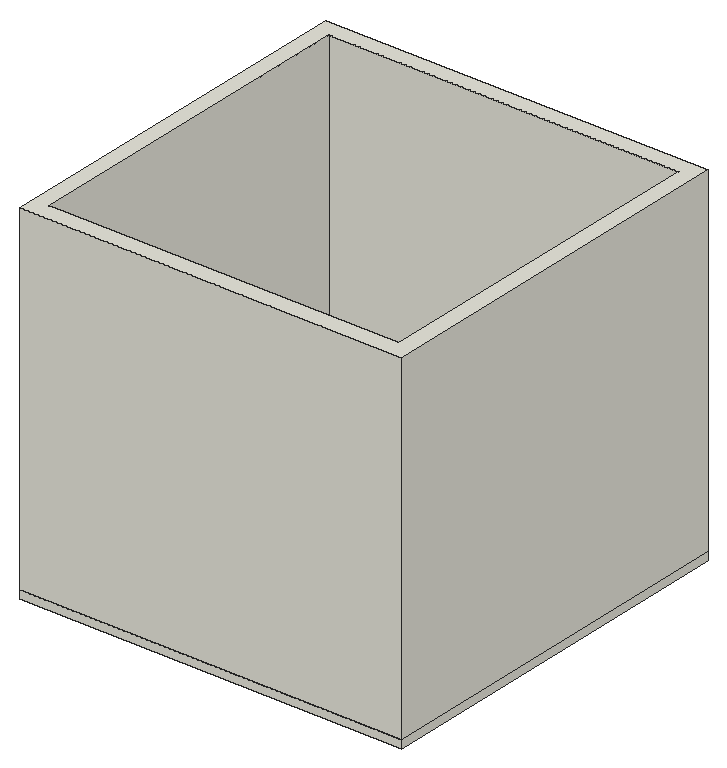
Revit family "Specialty_Equipment-Fiberstone_Planter-Stone_Yard-Concava-Square-Rectangular", category Specialty Equipment, Revit 2023
Family settings
  Round Connector Dimension = Use Diameter
  Part Type = Normal
  OmniClass Number = 23.40.05.21.17
  OmniClass Title = Planters
  Work Plane-Based = No
  Enable Cutting in Views = No
  Always vertical = Yes
  Cut with Voids When Loaded = No
  Maintain Annotation Orientation = No
  Shared = No
  Room Calculation Point = No
Parameters (values of type "24"L x 24"W x 22"H")
  URL = "https://stoneyardinc.com/"
  Type Comments = if(CD_Length = CD_Width, "Square Planter", "Rectangular Planter")  # "Square Planter"
  Model = "Concava Planter"  # constant formula
  Manufacturer = "Stone Yard"  # constant formula
  Description = if(CD_Length = CD_Width, "Concava Square Planter", "Concava Rectangular Planter")  # "Concava Square Planter"
  Default Elevation = 0.0"
  CD_Width = 24.0"
  CD_Specification = "https://stoneyardinc.com/content/Concava%20Planter-Stone%20Yard%20Tear%20Sheet-2025.pdf"
  CD_Product Page URL = "https://stoneyardinc.com/concava-planter1/"
  CD_Product Name [instance] = "Concava Planter"  # constant formula
  CD_Microsite = "https://www.caddetails.com/3404"
  CD_Height = 22.0"
  CD_Finish = Concrete-Fiberstone-Carlsbad-Chalk
  CD_Length = 24.0"
  CD_Created By = "CADdetails LTD. 2025"  # constant formula
  Assembly Code = "G2050600"
Reference planes (in)
  plane 1 "Center (Front/Back)": y = 0
  plane 2 "Bottom": z = 0
  plane 3 "Center (Left/Right)": x = 0
  plane 4 "Back": y = 12
  plane 5 "Front": y = -12
  plane 6 "Top": z = 22
  plane 7 "Left": x = -12
  plane 8 "Right": x = 12
  plane 9 "Base plate": z = 0.5
  plane 10 "P1": z = 17.6
  plane 11 "P2": z = 13.2
  plane 12 "P3": z = 8.8
  plane 13 "P4": z = 4.4
  plane 14 "V1": x = -4
  plane 15 "V2": x = 4
  plane 16 "v3": y = -4
  plane 17 "v4": y = 4
Forms (in)
  Extrusion 1, solid, material "Concrete-Fiberstone-Carlsbad-Chalk" <- "CD_Finish"
    sketch origin (0, 0, 0.125) x (-1, 0, 0) y (0, -1, 0)
      loop
        line (12, -12) -> (12, 12) -> (-12, 12) -> (-12, -12) -> (12, -12)
    from -0.125 to 0.375
  Extrusion 2, solid, material "Concrete-Fiberstone-Carlsbad-Chalk" <- "CD_Finish"
    sketch origin (0, 0, 0.125) x (-1, 0, 0) y (0, -1, 0)
      loop
        line (12, -12) -> (12, 12) -> (-12, 12) -> (-12, -12) -> (12, -12)
      loop
        line (11, -11) -> (11, 11) -> (-11, 11) -> (-11, -11) -> (11, -11)
    from 0.375 to 21.875
Lines and regions (in)
  model lines, detail levels medium+fine
    curve 1: line (-12, -12, 17.6) -> (12, -12, 17.6)
    curve 2: line (-12, -12, 13.2) -> (12, -12, 13.2)
    curve 3: line (-12, -12, 4.4) -> (12, -12, 4.4)
    curve 4: line (-12, -12, 8.8) -> (12, -12, 8.8)
    curve 5: line (-4, -12, 22) -> (-4, -12, 0)
    curve 6: line (4, -12, 22) -> (4, -12, 0)
    curve 13: line (-12, 12, 17.6) -> (-12, -12, 17.6)
    curve 14: line (-12, 12, 13.2) -> (-12, -12, 13.2)
    curve 15: line (-12, 12, 4.4) -> (-12, -12, 4.4)
    curve 16: line (-12, 12, 8.8) -> (-12, -12, 8.8)
    curve 17: line (-12, 4, 22) -> (-12, 4, 0)
    curve 18: line (-12, -4, 22) -> (-12, -4, 0)
    curve 19: line (12, 12, 17.6) -> (12, -12, 17.6)
    curve 20: line (12, 12, 13.2) -> (12, -12, 13.2)
    curve 21: line (12, 12, 4.4) -> (12, -12, 4.4)
    curve 22: line (12, 12, 8.8) -> (12, -12, 8.8)
    curve 23: line (12, 4, 22) -> (12, 4, 0)
    curve 24: line (12, -4, 22) -> (12, -4, 0)
    curve 25: line (-12, 12, 17.6) -> (12, 12, 17.6)
    curve 26: line (-12, 12, 13.2) -> (12, 12, 13.2)
    curve 27: line (-12, 12, 4.4) -> (12, 12, 4.4)
    curve 28: line (-12, 12, 8.8) -> (12, 12, 8.8)
    curve 29: line (-4, 12, 22) -> (-4, 12, 0)
    curve 30: line (4, 12, 22) -> (4, 12, 0)
  model lines, not visible, detail levels medium+fine
    curve 7: line (-12, -12, 17.6) -> (12, -12, 17.6)
    curve 8: line (-12, -12, 13.2) -> (12, -12, 13.2)
    curve 9: line (-12, -12, 4.4) -> (12, -12, 4.4)
    curve 10: line (-12, -12, 8.8) -> (12, -12, 8.8)
    curve 11: line (-4, -12, 22) -> (-4, -12, 0)
    curve 12: line (4, -12, 22) -> (4, -12, 0)
Dimensions and locks (in)
  equal spacing: plane 5 "Front", plane 1 "Center (Front/Back)", plane 4 "Back"
  equal spacing: plane 7 "Left", plane 3 "Center (Left/Right)", plane 8 "Right"
  "CD_Length": plane 8 "Right" to plane 7 "Left"
  equal spacing: plane 8 "Right", plane 3 "Center (Left/Right)", plane 7 "Left"
  "CD_Height": plane 6 "Top" to level
  "CD_Width": plane 5 "Front" to plane 4 "Back"
  locked: plane 7 "Left" to Extrusion 2 sketch curve at 1
  locked: Extrusion 2 sketch curve to plane 8 "Right" at 1
  locked: Extrusion 2 sketch curve to plane 5 "Front" at 1
  locked: Extrusion 2 sketch curve to plane 4 "Back" at 1
  locked: plane 9 "Base plate" to level at 0.5
  equal spacing: plane 6 "Top", plane 10 "P1", plane 11 "P2", plane 12 "P3", plane 13 "P4", level
  equal spacing: plane 8 "Right", plane 15 "V2", plane 14 "V1", plane 7 "Left"
  equal spacing: plane 5 "Front", plane 16 "v3", plane 17 "v4", plane 4 "Back"
  aligned and locked: plane 2 "Bottom" to level
  aligned and locked: Extrusion 1 sketch curve to plane 4 "Back"
  aligned and locked: Extrusion 1 sketch curve to plane 7 "Left"
  aligned and locked: Extrusion 1 sketch curve to plane 5 "Front"
  aligned and locked: plane 8 "Right" to Extrusion 1 sketch curve
  aligned and locked: plane 9 "Base plate" to Extrusion 1
  aligned and locked: plane 4 "Back" to Extrusion 2 sketch curve
  aligned and locked: Extrusion 2 sketch curve to plane 8 "Right"
  aligned and locked: plane 7 "Left" to Extrusion 2 sketch curve
  aligned and locked: plane 5 "Front" to Extrusion 2 sketch curve
  aligned and locked: plane 6 "Top" to Extrusion 2
  aligned and locked: Extrusion 2 to Extrusion 1
  aligned and locked: Extrusion 1 to level
  aligned and locked: curve 18 to plane 7 "Left"
  aligned and locked: curve 17 to plane 7 "Left"
  aligned and locked: curve 17 to curve 18
  aligned and locked: curve 1 to plane 10 "P1"
  aligned and locked: curve 25 to plane 10 "P1"
  aligned and locked: curve 2 to plane 11 "P2"
  aligned and locked: curve 26 to plane 11 "P2"
  aligned and locked: curve 4 to plane 12 "P3"
  aligned and locked: curve 28 to plane 12 "P3"
  aligned and locked: curve 3 to plane 13 "P4"
  aligned and locked: curve 27 to plane 13 "P4"
  aligned and locked: Extrusion 1 to plane 9 "Base plate"  (x2)
  aligned and locked: curve 24 to plane 8 "Right"
  aligned and locked: curve 23 to plane 8 "Right"
  aligned and locked: curve 23 to curve 24
  aligned and locked: curve 5 to plane 14 "V1"
  aligned and locked: curve 29 to plane 14 "V1"
  aligned and locked: plane 15 "V2" to curve 6
  aligned and locked: plane 15 "V2" to curve 30
  aligned and locked: plane 10 "P1" to curve 19
  aligned and locked: plane 10 "P1" to curve 13
  aligned and locked: plane 11 "P2" to curve 20
  aligned and locked: plane 11 "P2" to curve 14
  aligned and locked: plane 12 "P3" to curve 22
  aligned and locked: plane 12 "P3" to curve 16
  aligned and locked: plane 13 "P4" to curve 21
  aligned and locked: plane 13 "P4" to curve 15
  aligned and locked: curve 24 to plane 16 "v3"
  aligned and locked: plane 17 "v4" to curve 23
  aligned and locked: curve 17 to plane 17 "v4"
  aligned and locked: plane 16 "v3" to curve 18
Automatic sketch dimensions
  curve 1 to plane 8 "Right" = 0.0"
  curve 4 to plane 8 "Right" = 0.0"
  curve 2 to plane 8 "Right" = 0.0"
  curve 3 to plane 8 "Right" = 0.0"
  curve 2 to plane 7 "Left" = 0.0"
  curve 4 to plane 7 "Left" = 0.0"
  curve 3 to plane 7 "Left" = 0.0"
  curve 1 to plane 7 "Left" = 0.0"
  curve 5 to level = 0.0"
  curve 6 to level = 0.0"
  curve 6 to plane 6 "Top" = 0.0"
  curve 5 to plane 6 "Top" = 0.0"
  curve 13 to plane 5 "Front" = 0.0"
  curve 16 to plane 5 "Front" = 0.0"
  curve 14 to plane 5 "Front" = 0.0"
  curve 15 to plane 5 "Front" = 0.0"
  curve 18 to level = 0.0"
  curve 18 to plane 6 "Top" = 0.0"
  curve 17 to plane 6 "Top" = 0.0"
  curve 17 to level = 0.0"
  curve 14 to plane 4 "Back" = 0.0"
  curve 16 to plane 4 "Back" = 0.0"
  curve 15 to plane 4 "Back" = 0.0"
  curve 13 to plane 4 "Back" = 0.0"
  curve 25 to plane 7 "Left" = 0.0"
  curve 28 to plane 7 "Left" = 0.0"
  curve 26 to plane 7 "Left" = 0.0"
  curve 27 to plane 7 "Left" = 0.0"
  curve 29 to level = 0.0"
  curve 29 to plane 6 "Top" = 0.0"
  curve 30 to plane 6 "Top" = 0.0"
  curve 30 to level = 0.0"
  curve 28 to plane 8 "Right" = 0.0"
  curve 25 to plane 8 "Right" = 0.0"
  curve 27 to plane 8 "Right" = 0.0"
  curve 26 to plane 8 "Right" = 0.0"
  curve 19 to plane 5 "Front" = 0.0"
  curve 22 to plane 5 "Front" = 0.0"
  curve 20 to plane 5 "Front" = 0.0"
  curve 21 to plane 5 "Front" = 0.0"
  curve 24 to level = 0.0"
  curve 24 to plane 6 "Top" = 0.0"
  curve 23 to plane 6 "Top" = 0.0"
  curve 23 to level = 0.0"
  curve 20 to plane 4 "Back" = 0.0"
  curve 22 to plane 4 "Back" = 0.0"
  curve 21 to plane 4 "Back" = 0.0"
  curve 19 to plane 4 "Back" = 0.0"
Types in the file's own list only (6): name | Type Comments | Description | CD_Width | CD_Height | CD_Length
  48"L x 16"W x 18"H | "Rectangular Planter" | "Concava Rectangular Planter" | 16.0" | 18.0" | 48.0"
  48"L x 16"W x 22"H | "Rectangular Planter" | "Concava Rectangular Planter" | 16.0" | 22.0" | 48.0"
  64"L x 16"W x 18"H | "Rectangular Planter" | "Concava Rectangular Planter" | 16.0" | 18.0" | 64.0"
  64"L x 16"W x 22"H | "Rectangular Planter" | "Concava Rectangular Planter" | 16.0" | 22.0" | 64.0"
  24"Sq x 22"H | "Square Planter" | "Concava Square Planter" | 24.0" | 22.0" | 24.0"
  32"Sq x 31"H | "Square Planter" | "Concava Square Planter" | 32.0" | 31.0" | 32.0"
